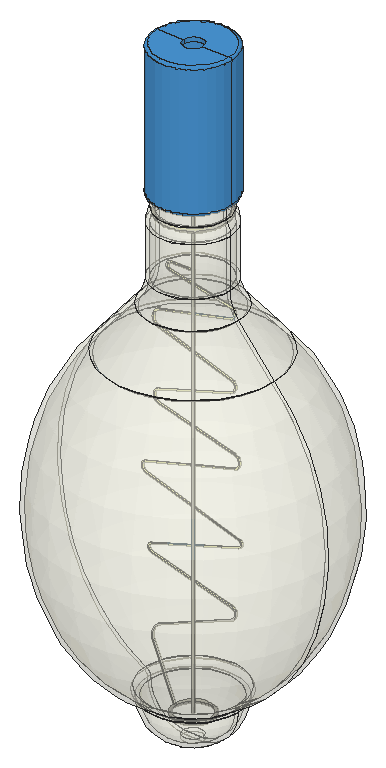
Revit family "LGB9", category Lighting Fixtures, Revit 2024
Family settings
  Round Connector Dimension = Use Diameter
  Part Type = Normal
  OmniClass Number = 23.80.70.00
  OmniClass Title = Lighting
  Work Plane-Based = No
  Always vertical = Yes
  Cut with Voids When Loaded = No
  Light Source = No
  Maintain Annotation Orientation = No
  Shared = No
  Room Calculation Point = No
Parameters
  Default Elevation = 0' - 0"
Reference planes (in)
  plane 1 "Light Source Axis (F/B)": y = 0
  plane 2: z = 0
  plane 3 "Light Source Axis (L/R)": x = 0
  plane 4 "Light Source Elevation": z = 54
Forms (in)
  Revolve 1, solid, material "18"
    sketch origin (0, 0, 2.24787) x (1, 0, 0) y (0, 0, 1)
      loop
        arc (-0.9375, 68) -> (-0.98169, 67.98169) -> (-1, 67.9375) r 0.0625
        line (-1, 67.9375) -> (-1, 64.5625)
        arc (-1, 64.5625) -> (-0.98169, 64.51831) -> (-0.9375, 64.5) r 0.0625
        line (-0.9375, 64.5) -> (-0.90625, 64.5) -> (-0.90625, 67.90625) -> (-0.25, 67.90625) -> (-0.25, 68) -> (-0.9375, 68)
      axis (0, 68) -> (0, 64.5)
    angle from 0 to 360
  Revolve 2, solid, material "GENEVA BULB"
    sketch origin (0, 0, 2.24787) x (1, 0, 0) y (0, 0, 1)
      loop
        arc (-0.88048, 64.1743) -> (-0.95253, 64.00729) -> (-0.97715, 63.82708) r 0.67191
        line (-0.97715, 63.82708) -> (-0.97715, 62.54831)
        arc (-0.97715, 62.54831) -> (-1.03285, 62.21789) -> (-1.1938, 61.92399) r 1.00787
        arc (-1.1938, 61.92399) -> (-1.65042, 61.3666) -> (-2.12712, 60.8263) r 19.68543
        spline (-2.12712, 60.8263) -> (-2.59295, 60.28402) -> (-2.97744, 59.64404) -> (-3.26854, 58.92645) -> (-3.45711, 58.15374) -> (-3.53725, 57.35017) -> (-3.50644, 56.54093) -> (-3.36564, 55.7514) -> (-3.11927, 55.00636) -> (-2.77506, 54.32916) -> (-2.34381, 53.74106) -> (-1.83904, 53.2605) -> (-1.27659, 52.90254)
        arc (-1.27659, 52.90254) -> (-1.21143, 52.84474) -> (-1.18398, 52.76208) r 0.16798
        arc (-1.18398, 52.76208) -> (-0.91555, 52.08081) -> (-0.25593, 51.76289) r 1.00425
        arc (-0.25593, 51.76289) -> (-0.12808, 51.75482) -> (0, 51.75213) r 3.04691
        line (0, 51.75213) -> (0, 51.84588)
        arc (0, 51.84588) -> (-0.12433, 51.84849) -> (-0.24844, 51.85634) r 2.95316
        arc (-0.24844, 51.85634) -> (-0.84751, 52.14531) -> (-1.09023, 52.76457) r 0.9105
        arc (-1.09023, 52.76457) -> (-1.13234, 52.8951) -> (-1.23469, 52.98641) r 0.26173
        spline (-1.23469, 52.98641) -> (-1.78127, 53.33446) -> (-2.27357, 53.8032) -> (-2.69548, 54.37882) -> (-3.03302, 55.04328) -> (-3.27505, 55.77561) -> (-3.41329, 56.55252) -> (-3.44349, 57.34916) -> (-3.36434, 58.14006) -> (-3.17856, 58.89992) -> (-2.89238, 59.60447) -> (-2.5153, 60.2314) -> (-2.05985, 60.76095)
        arc (-2.05985, 60.76095) -> (-1.57989, 61.30482) -> (-1.12021, 61.86592) r 19.77918
        arc (-1.12021, 61.86592) -> (-0.94428, 62.18716) -> (-0.8834, 62.54831) r 1.10162
        line (-0.8834, 62.54831) -> (-0.8834, 63.82708)
        arc (-0.8834, 63.82708) -> (-0.85871, 63.99425) -> (-0.78673, 64.14713) r 0.57816
        line (-0.78673, 64.14713) -> (-0.78673, 65.93591) -> (-0.88048, 65.93591) -> (-0.88048, 64.1743)
      axis (0, 65.93591) -> (0, 51.75213)
    angle from 0 to 360
  Revolve 3, solid, material "INTERNAL"
    sketch origin (0, 0, 2.24787) x (1, 0, 0) y (0, 0, 1)
      loop
        circle (-0.81943, 64.07284) r 0.03201
      loop
        circle (-0.47591, 52.3595) r 0.03201
      loop
        line (-0.03125, 64.22167) -> (-0.03125, 52.3595) -> (0, 52.3595) -> (0, 64.22167) -> (-0.03125, 64.22167)
      axis (0, 64.22167) -> (0, 52.3595)
    angle from 0 to 360
  Sweep 4, solid, material "INTERNAL"
    path origin (0, 0, 2.24787) x (1, 0, 0) y (0, 0, 1)
      loop
        line (-0.25, 64.5) -> (-0.25, 64.22199) -> (0.25, 64.22199) -> (0.25, 64.5)
    profile origin (-0.25, 0, 66.60887) x (0, -1, 0) y (1, 0, 0)
      loop
        circle (0, 0) r 0.0312
  Extrusion 5, solid, material "LIGHT"
    sketch origin (0, 0, 2.24787) x (1, 0, 0) y (0, 0, 1)
      loop
        line (-0.03125, 62.67154) -> (-0.03125, 62.70279) -> (-0.58206, 62.70279)
        arc (-0.58206, 62.70279) -> (-0.6944, 62.60075) -> (-0.6036, 62.47914) r 0.11286
        line (-0.6036, 62.47914) -> (0.9749, 62.17231)
        arc (0.9749, 62.17231) -> (1.07916, 62.04806) -> (0.9793, 61.92024) r 0.12887
        line (0.9793, 61.92024) -> (-0.88609, 61.48958)
        arc (-0.88609, 61.48958) -> (-1.05815, 61.28171) -> (-0.90277, 61.06109) r 0.22221
        line (-0.90277, 61.06109) -> (0.99133, 60.46544)
        arc (0.99133, 60.46544) -> (1.0886, 60.33234) -> (0.99027, 60.20001) r 0.13895
        line (0.99027, 60.20001) -> (-0.89784, 59.62276)
        arc (-0.89784, 59.62276) -> (-1.02831, 59.44318) -> (-0.89165, 59.26827) r 0.18442
        line (-0.89165, 59.26827) -> (1.09042, 58.73717)
        arc (1.09042, 58.73717) -> (1.20274, 58.59081) -> (1.09042, 58.44444) r 0.15153
        line (1.09042, 58.44444) -> (-1.2336, 57.82172)
        arc (-1.2336, 57.82172) -> (-1.34398, 57.68044) -> (-1.2386, 57.5354) r 0.14895
        line (-1.2386, 57.5354) -> (1.20361, 56.78874)
        arc (1.20361, 56.78874) -> (1.25407, 56.72055) -> (1.20361, 56.65236) r 0.07131
        line (1.20361, 56.65236) -> (-1.0852, 55.9526)
        arc (-1.0852, 55.9526) -> (-1.17129, 55.83411) -> (-1.08111, 55.71869) r 0.12169
        line (-1.08111, 55.71869) -> (0.99801, 55.16159)
        arc (0.99801, 55.16159) -> (1.10185, 55.0345) -> (1.01428, 54.89571) r 0.14045
        line (1.01428, 54.89571) -> (-0.84826, 54.14319)
        arc (-0.84826, 54.14319) -> (-1.04633, 53.94685) -> (-1.04511, 53.66796) r 0.36059
        line (-1.04511, 53.66796) -> (-0.49228, 52.36558) -> (-0.46351, 52.37779) -> (-1.01634, 53.68017)
        arc (-1.01634, 53.68017) -> (-1.01745, 53.93489) -> (-0.83656, 54.11422) r 0.32934
        line (-0.83656, 54.11422) -> (1.02598, 54.86673)
        arc (1.02598, 54.86673) -> (1.13304, 55.03641) -> (1.0061, 55.19177) r 0.1717
        line (1.0061, 55.19177) -> (-1.07302, 55.74887)
        arc (-1.07302, 55.74887) -> (-1.14004, 55.83465) -> (-1.07606, 55.92272) r 0.09044
        line (-1.07606, 55.92272) -> (1.21274, 56.62247)
        arc (1.21274, 56.62247) -> (1.28532, 56.72055) -> (1.21274, 56.81863) r 0.10256
        line (1.21274, 56.81863) -> (-1.22946, 57.56529)
        arc (-1.22946, 57.56529) -> (-1.31273, 57.6799) -> (-1.22551, 57.79153) r 0.1177
        line (-1.22551, 57.79153) -> (1.09851, 58.41425)
        arc (1.09851, 58.41425) -> (1.23399, 58.59081) -> (1.09851, 58.76736) r 0.18278
        line (1.09851, 58.76736) -> (-0.88357, 59.29845)
        arc (-0.88357, 59.29845) -> (-0.99707, 59.44373) -> (-0.8887, 59.59287) r 0.15317
        line (-0.8887, 59.59287) -> (0.99941, 60.17013)
        arc (0.99941, 60.17013) -> (1.11985, 60.33221) -> (1.00071, 60.49525) r 0.1702
        line (1.00071, 60.49525) -> (-0.89339, 61.0909)
        arc (-0.89339, 61.0909) -> (-1.02692, 61.28049) -> (-0.87906, 61.45913) r 0.19096
        line (-0.87906, 61.45913) -> (0.98633, 61.88979)
        arc (0.98633, 61.88979) -> (1.11041, 62.0486) -> (0.98086, 62.20299) r 0.16012
        line (0.98086, 62.20299) -> (-0.59763, 62.50982)
        arc (-0.59763, 62.50982) -> (-0.6633, 62.59775) -> (-0.58206, 62.67154) r 0.08161
        line (-0.58206, 62.67154) -> (-0.03125, 62.67154)
    from 0.01562 to -0.01562
Dimensions and locks (in)
  aligned and locked: level to plane 2
